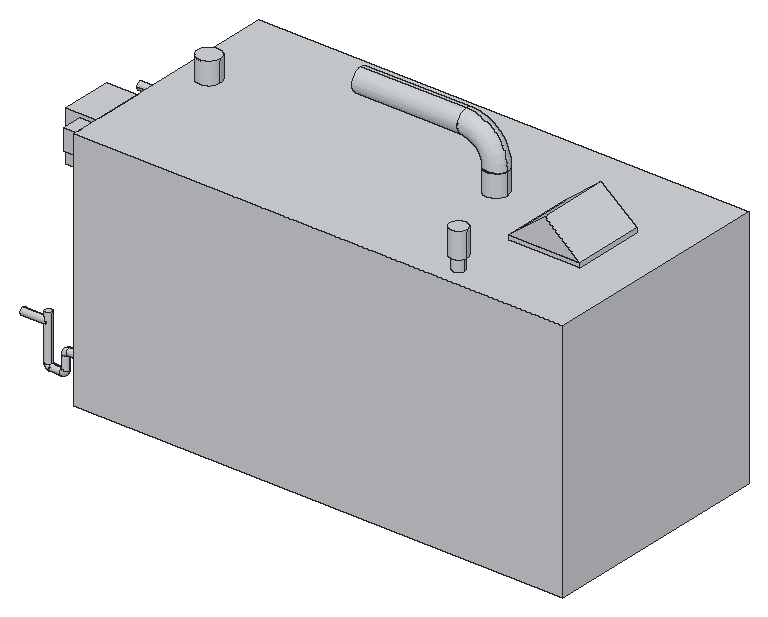
Revit family "AMP_BFIT 3500-4000 Water Heater", category Mechanical Equipment, Revit 2019
Family settings
  Round Connector Dimension = Use Diameter
  Part Type = Normal
  OmniClass Number = 23.75.00.00
  OmniClass Title = Climate Control (HVAC)
  Work Plane-Based = No
  Always vertical = Yes
  Cut with Voids When Loaded = No
  Shared = No
  Room Calculation Point = No
Parameters (values of type "AMP/BFIT 3500-4000 Water Heater")
  Width = 46"
  Length = 97 1/8"
  Height = 48 3/8"
  Voltage = ""
  Vent = "12\" EZ Vent"
  Manufacturer = "Bryan Steam"  # constant formula
  Hydronic Supply = "4\" Victaulic"
  Hydronic Return = "4\" Victaulic"
  Gas Train = "2\" NPT"
  Condensate Trap = "1\" Pipe"
  Boiler Drain = "3/4\" NPT"
  Air Supply = "12\""
Reference planes
  plane 1 "Center (Front/Back)": y = 0
  plane 2: z = 0
  plane 3 "Center (Left/Right)": x = 0
  plane 4 "Vent": y = 96.749
  plane 5 "Condensate Trap": y = -457.2
  plane 6 "Supply 4" Victualic Elbow Style 10": x = 353.06
  plane 7 "3" Supply Manifold": z = 1466.85
  plane 8 "3" Supply Elbow Victaulic Style 10": y = 96.749
Forms (mm)
  Extrusion 1, solid
    sketch origin (0, 0, 0) x (1, 0, 0) y (0, 1, 0)
      loop
        line (-1233.487, 584.2) -> (-1233.487, -584.2) -> (1233.488, -584.2) -> (1233.488, 584.2) -> (-1233.487, 584.2)
    from 0 to 1228.725
  Extrusion 2, solid
    sketch origin (0, 0, 1228.725) x (1, 0, 0) y (0, 1, 0)
      loop
        line (636.435, 177.8) -> (636.435, -177.8) -> (994.474, -177.8) -> (994.474, 177.8) -> (636.435, 177.8)
    from 0 to 21.63
  Extrusion 3, solid
    sketch origin (994.474, -177.8, 1228.725) x (-1, 0, 0) y (0, 0, -1)
      loop
        line (358.038, -21.63) -> (0, -21.63) -> (179.019, -167.063) -> (358.038, -21.63)
    from 0 to -355.6
  Extrusion 4, solid
    sketch origin (0, 0, 1228.725) x (1, 0, 0) y (0, 1, 0)
      loop
        circle (-1093.787, 95.25) r 57.15
      loop
        circle (353.073, 95.25) r 57.15
    from 0 to 107.95
  Extrusion 5, solid
    sketch origin (-1233.487, -584.2, 0) x (0, 1, 0) y (0, 0, -1)
      loop
        circle (936.625, -333.375) r 158.75
      loop
        circle (936.625, -333.375) r 153.162
    from 0 to 34.925
  Sweep 6, solid
    path origin (0, -457.2, 0) x (-1, 0, 0) y (0, 0, 1)
      loop
        line (1233.487, 146.406) -> (1354.493, 146.406)
        arc (1354.493, 146.406) -> (1366.85, 141.287) -> (1371.968, 128.93) r 17.475
        line (1371.968, 128.93) -> (1371.968, 62.281)
        arc (1371.968, 62.281) -> (1377.087, 49.924) -> (1389.443, 44.806) r 17.475
        line (1389.443, 44.806) -> (1443.406, 44.806)
        arc (1443.406, 44.806) -> (1455.754, 49.92) -> (1460.868, 62.268) r 17.463
        line (1460.868, 62.268) -> (1460.868, 292.456)
    profile origin (-1293.99, -457.2, 146.406) x (0, 0, 1) y (0, 1, 0)
      loop
        circle (0, 0) r 16.701
  Revolve 7, solid
    sketch origin (0, -457.2, 0) x (-1, 0, 0) y (0, 0, 1)
      loop
        line (1589.087, 247.65) -> (1589.087, 264.351) -> (1460.5, 264.351) -> (1460.5, 247.65) -> (1589.087, 247.65)
      axis (1460.5, 247.65) -> (1589.087, 247.65)
    angle from 0 to 360
  Extrusion 8, solid
    sketch origin (-1233.487, -584.2, 0) x (0, 1, 0) y (0, 0, -1)
      loop
        line (119.888, -1223.95) -> (119.888, -1122.35) -> (18.288, -1122.35) -> (18.288, -1223.95) -> (119.888, -1223.95)
    from 0 to 63.004
  Revolve 9, solid
    sketch origin (0, 95.25, 0) x (-1, 0, 0) y (0, 0, 1)
      loop
        line (1439.862, 766.775) -> (1431.845, 919.759) -> (1178.193, 906.466) -> (1186.211, 753.482) -> (1439.862, 766.775)
      axis (1186.211, 753.482) -> (1439.862, 766.775)
    angle from 0 to 360
  Extrusion 10, solid
    sketch origin (-1233.487, -584.2, 0) x (0, 1, 0) y (0, 0, -1)
      loop
        circle (679.45, -1076.325) r 13.335
      loop
        circle (679.45, -1076.325) r 10.465
    from 0 to 146.05
  Sweep 11, solid
    path origin (0, 96.749, 0) x (-1, 0, 0) y (0, 0, 1)
      loop
        line (-354.702, 1336.675) -> (-354.702, 1339.85)
        arc (-354.702, 1339.85) -> (-310.065, 1447.613) -> (-202.302, 1492.25) r 152.4
        line (-202.302, 1492.25) -> (328.612, 1492.25)
    profile origin (310.065, 96.749, 1447.613) x (0.707107, 0, 0.707107) y (0, 1, 0)
      loop
        circle (0, 0) r 57.15
  Extrusion 12, solid
    sketch origin (-1233.487, -584.2, 0) x (0, 1, 0) y (0, 0, -1)
      loop
        line (403.225, -1227.138) -> (403.225, -973.138) -> (149.225, -973.137) -> (149.225, -1227.138) -> (403.225, -1227.138)
    from 0 to 155.575
  Extrusion 13, solid
    sketch origin (0, 0, 1228.725) x (1, 0, 0) y (0, 1, 0)
      loop
        circle (627.063, -482.6) r 30.163
    from 0 to 63.5
  Extrusion 14, solid
    sketch origin (0, 0, 1292.225) x (1, 0, 0) y (0, 1, 0)
      loop
        circle (627.063, -482.6) r 42.863
    from 0 to 127
  Extrusion 15, solid
    sketch origin (-1379.537, -584.2, 0) x (0, 1, 0) y (0, 0, -1)
      loop
        circle (679.45, -1076.325) r 19.05
    from 0 to 60.325
Dimensions and locks
  "Height": Extrusion 1 to level
  equal spacing: Extrusion 1 sketch curve, plane 3 "Center (Left/Right)", Extrusion 1 sketch curve
  "Length": Extrusion 1 sketch curve to Extrusion 1 sketch curve
  equal spacing: Extrusion 1 sketch curve, plane 1 "Center (Front/Back)", Extrusion 1 sketch curve
  "Width": Extrusion 1 sketch curve to Extrusion 1 sketch curve
  locked: Extrusion 2 sketch curve to Extrusion 1 at 239.014
  locked: Extrusion 2 sketch curve to Extrusion 2 sketch curve at 358.038
  locked: Extrusion 2 sketch curve to Extrusion 2 sketch curve at 355.6
  locked: Extrusion 2 sketch curve to Extrusion 1 at 406.4
  locked: Extrusion 1 to Extrusion 4 sketch curve at 488.95  (x2)
  locked: Extrusion 1 to Extrusion 5 sketch curve at 333.375
  locked: Extrusion 1 to Extrusion 5 sketch curve at 231.775
  level to plane 7 "3" Supply Manifold" = 57 3/4"
  plane 3 "Center (Left/Right)" to plane 6 "Supply 4" Victualic Elbow Style 10" = 13.9"
  locked: plane 8 "3" Supply Elbow Victaulic Style 10" to plane 1 "Center (Front/Back)" at 96.749
  locked: plane 4 "Vent" to plane 1 "Center (Front/Back)" at 96.749
  locked: plane 5 "Condensate Trap" to plane 1 "Center (Front/Back)" at 457.2
  locked: Sweep 6 sketch curve to Sweep 6 sketch curve at 88.9
  locked: Sweep 6 sketch curve to Sweep 6 sketch curve at 247.65
  locked: Revolve 7 sketch curve to Revolve 7 sketch curve at 128.588
  locked: Extrusion 8 sketch curve to Extrusion 8 sketch curve at 101.6  (x2)
  Revolve 9 sketch curve to Revolve 9 sketch curve = 6 1/32"
  Extrusion 1 to Extrusion 10 sketch curve = 42 3/8"
  equal spacing: Extrusion 1, Extrusion 10 sketch curve, Extrusion 10 sketch curve  (x2)
  locked: Extrusion 1 to Extrusion 10 sketch curve at 488.95
  locked: Extrusion 1 to Extrusion 4 sketch curve at 139.7
  locked: Extrusion 4 sketch curve to Extrusion 1 at 880.415
  locked: Extrusion 1 to Sweep 11 sketch curve at 904.875
  locked: Extrusion 1 to Sweep 11 sketch curve at 263.525
  Extrusion 1 to Extrusion 5 sketch curve = 13 1/8"
  Extrusion 1 to Extrusion 5 sketch curve = 9 1/8"
  locked: Extrusion 1 to Sweep 6 sketch curve at 138.481
  locked: Extrusion 1 to Sweep 6 sketch curve at 146.406
  locked: Revolve 9 sketch curve to Extrusion 1 at 206.375
  Extrusion 1 to Revolve 9 sketch curve = 30.188"
  locked: Extrusion 1 to Revolve 7 sketch curve at 227.013
  Extrusion 1 to Revolve 7 sketch curve = 9 3/4"  (x2)
  locked: Revolve 7 sketch curve to Revolve 7 sketch curve at 16.701
  Revolve 7 sketch curve to Revolve 7 sketch curve = 0"
  locked: Extrusion 12 sketch curve to Extrusion 1 at 1.587
  locked: Extrusion 12 sketch curve to Extrusion 12 sketch curve at 254  (x2)
  locked: Extrusion 12 sketch curve to Extrusion 1 at 149.225
  locked: Extrusion 1 to Extrusion 13 sketch curve at 101.6
  locked: Extrusion 13 sketch curve to Extrusion 1 at 606.425
  locked: Extrusion 14 sketch curve to Extrusion 1 at 606.425
  locked: Extrusion 1 to Extrusion 14 sketch curve at 101.6
  Extrusion 1 to Extrusion 15 sketch curve = 6"
  Extrusion 1 to Extrusion 15 sketch curve = 19 1/4"
  radius of Sweep 11 sketch curve = 6"
  diameter of Extrusion 13 sketch curve = 2 3/8"
  diameter of Extrusion 14 sketch curve = 3 3/8"
  diameter of Extrusion 15 sketch curve = 1 1/2"
  aligned and locked: level to plane 2
Automatic sketch dimensions
  Extrusion 3 sketch curve to Extrusion 2 = 0"  (x3)
  Extrusion 3 sketch curve to Extrusion 2 = 7.048"
  Extrusion 3 sketch curve to Extrusion 2 = 5.72571"
  Sweep 6 sketch curve to plane 5 "Condensate Trap" = 0"
  profile plane to Sweep 6 sketch curve = 0"
  Sweep 6 sketch curve to Sweep 6 sketch curve = 0.688"  (x2)
  Sweep 6 sketch curve to Sweep 6 sketch curve = 11/16"
  Sweep 6 sketch curve to Sweep 6 sketch curve = 2.624"
  Sweep 6 sketch curve to Sweep 6 sketch curve = 4.764"
  Revolve 7 sketch curve to Revolve 7 sketch curve = 0.2025"
  Revolve 7 sketch curve to Revolve 7 sketch curve = 0.828"
  Revolve 9 sketch curve to Revolve 9 sketch curve = 6.32392"
  Revolve 9 sketch curve to Revolve 9 sketch curve = 0"  (x2)
  Extrusion 1 to Extrusion 8 sketch curve = 0.188"
  Extrusion 8 sketch curve to Extrusion 1 = 0.72"
  Revolve 9 sketch curve to plane 7 "3" Supply Manifold" = 28.08536"
  Revolve 9 sketch curve to Revolve 9 sketch curve = 0.31565"
  Extrusion 10 sketch curve to Extrusion 10 sketch curve = 0"  (x2)
  Sweep 11 sketch curve to plane 8 "3" Supply Elbow Victaulic Style 10" = 0"
  Sweep 11 sketch curve to profile plane = 0"
  Sweep 11 sketch curve to plane 6 "Supply 4" Victualic Elbow Style 10" = 5.93536"
  Sweep 11 sketch curve to Sweep 11 sketch curve = 1/8"
  radius of Sweep 6 sketch curve = 0.6575"
  radius of Extrusion 5 sketch curve = 6 1/4"
  radius of Extrusion 5 sketch curve = 6.03"
  radius of Extrusion 10 sketch curve = 0.412"
  radius of Extrusion 10 sketch curve = 0.525"
  radius of Extrusion 4 sketch curve = 2 1/4"  (x2)
  radius of Sweep 11 sketch curve = 2 1/4"
Connectors
  piping at (-1093.787, 95.25, 1336.675), diameter 101.6
    settings: on Extrusion 4, index 2, connector inside diameter 24", connector length 0", flow factor 0, pipe flow 0 GPM, pressure drop 0.00 psi, fitting loss kfactor 0, connector angle 0.00°, fixture units 0, engagement length 0", angle of deflection 0.00°, flow configuration 0, flow direction 1, fitting loss method 0, system type 8, joint type 0, gender type 0, connector reference index -1, connector utility 0, adjustable connector no, is connector primary yes, connector description ""
  piping at (-1268.412, 352.425, 333.375), diameter 304.8
    settings: on Extrusion 5, index 4, connector inside diameter 24", connector length 0", flow factor 0, pipe flow 0 GPM, pressure drop 0.00 psi, fitting loss kfactor 0, connector angle 0.00°, fixture units 0, engagement length 0", angle of deflection 0.00°, flow configuration 0, flow direction 1, fitting loss method 0, system type 22, joint type 0, gender type 0, connector reference index -1, connector utility 0, adjustable connector no, is connector primary no, connector description ""
  piping at (-1589.087, -457.2, 247.65), diameter 25.4
    settings: on Revolve 7, index 6, connector inside diameter 24", connector length 0", flow factor 0, pipe flow 0 GPM, pressure drop 0.00 psi, fitting loss kfactor 0, connector angle 0.00°, fixture units 0, engagement length 0", angle of deflection 0.00°, flow configuration 0, flow direction 2, fitting loss method 0, system type 22, joint type 0, gender type 0, connector reference index -1, connector utility 0, adjustable connector no, is connector primary no, connector description ""
  piping at (-328.612, 96.749, 1492.25), diameter 101.6
    settings: on Sweep 11, index 7, connector inside diameter 24", connector length 0", flow factor 0, pipe flow 0 GPM, pressure drop 0.00 psi, fitting loss kfactor 0, connector angle 0.00°, fixture units 0, engagement length 0", angle of deflection 0.00°, flow configuration 0, flow direction 2, fitting loss method 0, system type 7, joint type 0, gender type 0, connector reference index -1, connector utility 0, adjustable connector no, is connector primary no, connector description ""
  piping at (-1439.862, 95.25, 766.775), diameter 304.8
    settings: on Revolve 9, index 9, connector inside diameter 24", connector length 0", flow factor 0, pipe flow 0 GPM, pressure drop 0.00 psi, fitting loss kfactor 0, connector angle 0.00°, fixture units 0, engagement length 0", angle of deflection 0.00°, flow configuration 0, flow direction 2, fitting loss method 0, system type 17, joint type 0, gender type 0, connector reference index -1, connector utility 0, adjustable connector no, is connector primary no, connector description ""
  piping at (627.063, -482.6, 1419.225), diameter 50.8
    settings: on Extrusion 14, index 10, connector inside diameter 24", connector length 0", flow factor 0, pipe flow 0 GPM, pressure drop 0.00 psi, fitting loss kfactor 0, connector angle 0.00°, fixture units 0, engagement length 0", angle of deflection 0.00°, flow configuration 0, flow direction 1, fitting loss method 0, system type 22, joint type 0, gender type 0, connector reference index -1, connector utility 0, adjustable connector no, is connector primary no, connector description ""
  piping at (-1439.862, 95.25, 1076.325), diameter 19.05
    settings: on Extrusion 15, index 11, connector inside diameter 24", connector length 0", flow factor 0, pipe flow 0 GPM, pressure drop 0.00 psi, fitting loss kfactor 0, connector angle 0.00°, fixture units 0, engagement length 0", angle of deflection 0.00°, flow configuration 0, flow direction 2, fitting loss method 0, system type 22, joint type 0, gender type 0, connector reference index -1, connector utility 0, adjustable connector no, is connector primary no, connector description ""
